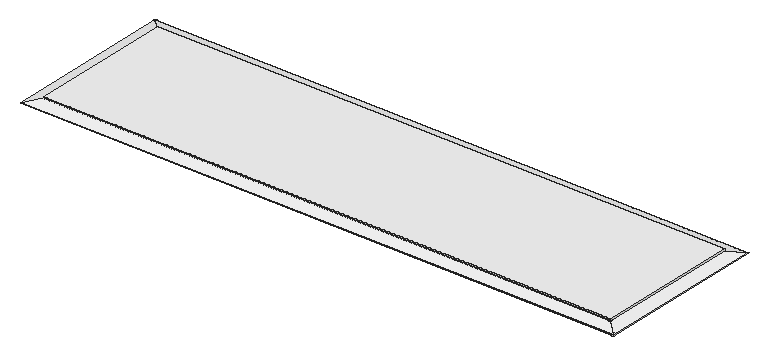
Revit family "NBS_COBAAfrica_EntMatt_SuperContractFall", category Generic Models, host Face, Revit 2018
Family settings
  Host = Face
  Can host rebar = No
  Round Connector Dimension = Use Diameter
  Part Type = Normal
  Cut with Voids When Loaded = No
  Shared = No
  Room Calculation Point = No
Parameters (values of type "2000x500mm")
  WarrantyGuarantorLabor = "n/a"
  WarrantyDurationLabor = "n/a"
  Uniclass2015Version = "Products v1.15"
  Uniclass2015Title = "Entrance mats"
  Uniclass2015Code = "Pr_35_57_11_26"
  SurfaceInsertWidth = "n/a"
  SurfaceInsertOptions = "Can be custom-printed with personalised logo or message"
  Pattern = "Distinctive looped design"
  MatwellEdgingWidth [instance] = 2.50 mm
  WarrantyStartDate [instance] = "1900-12-31T23:59:59"
  WarrantyGuarantorParts = "n/a"
  WarrantyDurationUnit = "year"
  WarrantyDurationParts = "n/a (dependent on application)"
  WarrantyDescription = "n/a"
  Version = "1"  # constant formula
  TrafficType = "Pedestrian, wheel chairs, pushchairs and trolleys"
  ThermalTransmittance = 0
  TagNumber [instance] = "n/a"
  SustainabilityPerformance = "n/a"
  SurfaceSpreadOfFlame = "n/a"
  Size = "n/a"
  Shape = "n/a"
  SerialNumber [instance] = "n/a"
  Revision = "n/a"
  ReplacementCost = "n/a"
  Reference = "n/a"
  RampedEdging [instance] = and(MattingSurface, EdgingRequired)  # yes
  ProductInformation = "https://www.matting.co.za/commercial/product/super-contract-fall/"
  NominalWidth = EntranceMattingWidth  # 2000.00 mm
  NominalLength = EntranceMattingLength  # 500.00 mm
  NominalHeight = EntranceMattingHeight  # 15.00 mm
  Name = "EntMatt_SuperContractFall_COBAAfrica"
  NBSReference = "45-35-35/420"
  NBSDescription = "Entrance matting"
  NBSCertification = "n/a"
  ModelReference = "Super Contract Fall"
  ModelNumber = "LU"
  MatwellEdging [instance] = and(MattingRecessed, EdgingRequired)  # no
  MattingHeight = "15 mm"
  Material = "Soft, compounded PVC"
  ManufacturerURL = "www.cobaafrica.com"
  ManufacturerName = "COBA Africa"  # constant formula
  LinkingJoints = "n/a"
  IsExternal = no
  IntegralAccessoryOptions = "Optional PVC bevelled edging"
  IntegralAccessories = "n/a"
  InstallationDate [instance] = "1900-12-31T23:59:59"
  IfcExportType = "FLOORING"  # constant formula
  IfcExportAs = "IfcCoveringType"  # constant formula
  HasNonSkidSurface = yes
  HasAntiStaticSurface = no
  Grade = "n/a"
  FragilityRating = "n/a"
  FlammabilityRating = "n/a"
  FireRating = "Bfl S1"
  Finish = "n/a"
  Features = "n/a"
  ExpectedLife = "5 years plus if used in the correct environment for the volume and type of traffic as per specification"
  EdgingRequired [instance] = yes
  MattingSurface [instance] = yes
  MattingRecessed [instance] = not(MattingSurface)  # no
  MattingOffsetCalc [instance] = if(and(MattingSurface, not(EdgingRequired)), EntranceMattingHeight, if(and(MattingSurface, EdgingRequired), EntranceMattingHeight + 1.20 mm, 0.00 mm))  # 16.20 mm
  FloorRecessWidth [instance] = if(and(EdgingRequired, MattingRecessed), EntranceMattingWidth + (2 * MatwellEdgingWidth), EntranceMattingWidth)  # 2000.00 mm
  FloorRecessLength [instance] = if(and(EdgingRequired, MattingRecessed), EntranceMattingLength + (2 * MatwellEdgingWidth), EntranceMattingLength)  # 500.00 mm
  FloorRecessDepth [instance] = 25.00 mm
  Manufacturer = "sales@cobaafrica.com"  # constant formula
  MattingRecessCalc [instance] = if(and(MattingSurface, not(EdgingRequired)), EntranceMattingHeight + 0.50 mm, if(and(MattingSurface, EdgingRequired), EntranceMattingHeight + 1.70 mm, FloorRecessDepth))  # 16.70 mm
  EntranceMattingWidth = 2000.00 mm
  EntranceMattingMaterial = NBS_Concept
  EntranceMattingLength = 500.00 mm
  EntranceMattingHeight = 15.00 mm
  EdgingMaterial = NBS_Concept
  DurationUnit = "n/a"
  Description = "Distinctive and resilient open looped matting"
  Default Elevation = 1200.00 mm
  Construction = "Open"
  Constituents = "n/a"
  Combustible = no
  Color = "n/a"
  CodePerformance = "n/a"
  Category = "n/a"
  CarpetColourOptions = "Grey, Green, Black, Burgundy, Lime Green, Dark Grey, Dark Green, Brown, Orange, Navy Blue, Yellow, Red, Turquoise, Baby Blue, White, Blue, Gold, Pink, Purple, Beige."
  BaseMaterial = "Non-slip mesh backing prevents shrinkage"
  BaseColour = "White"
  BarCode [instance] = "n/a"
  BIMObjectName = "NBS_COBAAfrica_EntranceMatting_SuperContractFall"
  Author = "NBS"  # constant formula
  AssetType = "Fixed"
  AssetIdentifier [instance] = "n/a"
  ArrangementOptions = "Interior or exterior entrances in a mat well or loose-lay with PVC edging"
  Arrangement = "n/a"
  AcousticRating = "n/a"
  AccessibilityPerformance = "n/a"
Reference planes
  plane 1 "Center (Front/Back)": y = 0
  plane 2: z = 0
  plane 3 "Center (Left/Right)": x = 0
  plane 4: y = 250
  plane 5: y = -250
  plane 6: x = -1000
  plane 7: x = 1000
  plane 8 "MattingBottom": z = 1.2
  plane 9 "MattingTop": z = 16.2
  plane 10 "RecessBottom": z = -0.5
  plane 11: x = -1000
  plane 12: x = 1000
  plane 13: y = 250
  plane 14: y = -250
Forms (mm)
  Extrusion 1, solid, material "NBS_Concept" <- "EntranceMattingMaterial"
    sketch origin (-696.176, -4572, 1.2) x (-1, 0, 0) y (0, -1, 0)
      loop
        line (303.824, -4822) -> (303.824, -4322) -> (-1696.176, -4322) -> (-1696.176, -4822) -> (303.824, -4822)
    from 0 to 15
  Extrusion 2, void
    sketch origin (-696.176, -4572, 1.2) x (-1, 0, 0) y (0, -1, 0)
      loop
        line (303.824, -4822) -> (303.824, -4322) -> (-1696.176, -4322) -> (-1696.176, -4822) -> (303.824, -4822)
    from -1.7 to 15
  Sweep 3, solid, material "NBS_Concept" <- "EdgingMaterial", visible <- "RampedEdging"
    path in 3D
      loop
        line (-1000, 250, 1.2) -> (1000, 250, 1.2) -> (1000, -250, 1.2) -> (-1000, -250, 1.2) -> (-1000, 250, 1.2)
    profile origin (-1000, 0, 1.2) x (1, 0, 0) y (0, 0, -1)
      loop
        line (0, 0) -> (18, 0) -> (18, 1.2) -> (-46.339, 1.2)
        arc (-46.339, 1.2) -> (-46.996, 0.616) -> (-46.491, -0.104) r 0.661
        line (-46.491, -0.104) -> (-1.588, -10.672)
        arc (-1.588, -10.672) -> (-0.49, -10.428) -> (0, -9.415) r 1.292
        line (0, -9.415) -> (0, 0)
  Sweep 4, solid, material "NBS_Concept" <- "EdgingMaterial", visible <- "MatwellEdging"
    path in 3D
      loop
        line (-1000, 250, 1.2) -> (1000, 250, 1.2) -> (1000, -250, 1.2) -> (-1000, -250, 1.2) -> (-1000, 250, 1.2)
    profile origin (-1000, 0, 1.2) x (1, 0, 0) y (0, 0, -1)
      loop
        line (0, -15) -> (0, 0) -> (-2.5, 0) -> (-2.5, -15) -> (0, -15)
Lines and regions (mm)
  sketch lines
    curve 1: line (-1000, -250, 1.2) -> (-1000, 250, 1.2)
    curve 2: line (1000, -250, 1.2) -> (-1000, -250, 1.2)
    curve 3: line (-1000, 250, 1.2) -> (1000, 250, 1.2)
    curve 4: line (1000, 250, 1.2) -> (1000, -250, 1.2)
    curve 5: line (-1000, -250, 1.2) -> (-1000, 250, 1.2)
    curve 6: line (1000, -250, 1.2) -> (-1000, -250, 1.2)
    curve 7: line (-1000, 250, 1.2) -> (1000, 250, 1.2)
    curve 8: line (1000, 250, 1.2) -> (1000, -250, 1.2)
Dimensions and locks
  equal spacing: plane 4, plane 1 "Center (Front/Back)", plane 5
  "EntranceMattingLength": plane 4 to plane 5
  equal spacing: plane 6, plane 3 "Center (Left/Right)", plane 7
  "EntranceMattingWidth": plane 6 to plane 7
  "EntranceMattingHeight": plane 9 "MattingTop" to plane 8 "MattingBottom"
  "MattingOffsetCalc": plane 9 "MattingTop" to level
  "MattingRecessCalc": plane 9 "MattingTop" to plane 10 "RecessBottom"
  equal spacing: host sketch curve, plane 3 "Center (Left/Right)", host sketch curve
  "FloorRecessWidth": host sketch curve to host sketch curve
  equal spacing: host sketch curve, plane 1 "Center (Front/Back)", host sketch curve
  "FloorRecessLength": host sketch curve to host sketch curve
  locked: plane 6 to Sweep 3 sketch curve at 46.339
  locked: plane 8 "MattingBottom" to Sweep 3 sketch curve at 1.2
  equal spacing: plane 11, plane 3 "Center (Left/Right)", plane 12
  "FloorRecessWidth": plane 11 to plane 12
  equal spacing: plane 13, plane 1 "Center (Front/Back)", plane 14
  "FloorRecessLength": plane 13 to plane 14
  "MatwellEdgingWidth": Sweep 4 sketch curve to profile plane
  aligned and locked: plane 2 to host face
  aligned and locked: level to host face
  aligned and locked: plane 5 to Extrusion 1 sketch curve
  aligned and locked: Extrusion 1 sketch curve to plane 7
  aligned and locked: Extrusion 1 sketch curve to plane 4
  aligned and locked: plane 6 to Extrusion 1 sketch curve
  aligned and locked: Extrusion 1 to plane 8 "MattingBottom"
  aligned and locked: Extrusion 1 to plane 9 "MattingTop"
  aligned and locked: Extrusion 2 to plane 9 "MattingTop"
  aligned and locked: Extrusion 2 to plane 10 "RecessBottom"
  aligned and locked: plane 6 to Sweep 3 sketch curve
  aligned and locked: Sweep 3 sketch curve to plane 8 "MattingBottom"
  aligned and locked: Extrusion 2 sketch curve to plane 13
  aligned and locked: plane 11 to Extrusion 2 sketch curve
  aligned and locked: plane 14 to Extrusion 2 sketch curve
  aligned and locked: Extrusion 2 sketch curve to plane 12
  aligned and locked: Sweep 4 sketch curve to plane 8 "MattingBottom"
  aligned and locked: Sweep 4 sketch curve to plane 9 "MattingTop"
Automatic sketch dimensions
  Sweep 3 sketch curve to profile plane = 18.00 mm
  Sweep 3 sketch curve to profile plane = 9.415 mm
  Sweep 3 sketch curve to profile plane = 0.104 mm
  Sweep 3 sketch curve to Sweep 3 sketch curve = 0.151 mm
  profile plane to Sweep 3 sketch curve = 1.588 mm
  Sweep 3 sketch curve to Sweep 3 sketch curve = 0.296 mm
  profile plane to Sweep 4 sketch curve = 0.00 mm
